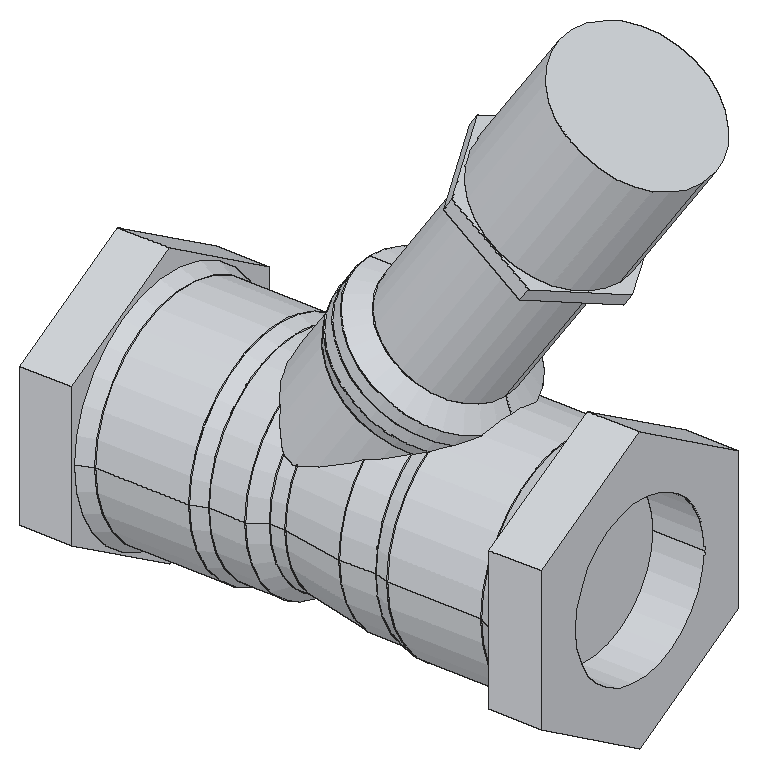
Revit family "DPRV_DN032_RFA_2018", category Pipe Accessories, Revit 2018
Family settings
  Round Connector Dimension = Use Diameter
  Part Type = Valve - Breaks Into
  Work Plane-Based = No
  Always vertical = Yes
  Cut with Voids When Loaded = No
  Shared = No
Parameters (values of type "DPRV-DN32")
  magiProductId = "4b273c145a0a4466be66f0b82dd13f"
  magiProductFamilyId = "2368235d042246b783f613dde97580"
  magiPartTypeId = 304
  isMeasuringValve [instance] = no
  ang2D [instance] = 0.00°
  Z1 = 28.27 mm
  Y6 = 23.8 mm
  Y5 = 21.4 mm
  Y3 = 22.4 mm
  Y15 = 15.759 mm
  Y14 = 18.54 mm
  Y12 = 13.39 mm
  Y11 = 17.51 mm
  Y10 = 16.48 mm
  Y0 = 19.26 mm
  XT0 = 8 mm
  X7 = 7.21 mm
  X6__ve = -X6  # -18.54 mm
  X6 = 18.54 mm
  X3 = 3.09 mm
  X1__ve = -X1  # -10.3 mm
  X1 = 10.3 mm
  X0 = 51.5 mm
  W2D = 15 mm
  VersionID = "2.0/2018.12.13.2/FRESE_DPRV_001"
  Use Minimum Symbol Size [instance] = no
  URL = "www.hydronix.cz"
  Type Comments = "závitový s vnitřním závitem; PN25; dpmax=600kPa; -20~+120°C"
  QmdConnectorList = "301;D;302;D"
  Productdata [instance] = ""
  Manufacturer = "Hydronix"
  MC Use Limits From Balancing Method = no
  MC Throttling Minimum Value = 0
  MC Throttling Maximum Value = 0
  MC Product Code = "48-0078; DN32 FF; nastavitelný rozsah 10-60kPa; kvs=10,5"
  MC Pressure Drop Minimum Value = 0.0 Pa
  MC Pressure Drop Maximum Value = 0.0 Pa
  MC Piping Given Pressure Drop [instance] = 0.0 Pa
  L3 = 28 mm
  L2D_Min = 30.48 mm
  L2D = 70 mm
  H6 = 33.27 mm
  H5 = 2.827 mm
  H2 = 23.558 mm
  Description = "Nastavitelný přepouštěcí ventil"
  DT2 = 16 mm
  D = 32 mm
  CenSd_Y14_6 = Y14 * cos(30.00°)  # 16.056 mm
  CenSd_L3_6 = L3 * cos(30.00°)  # 24.249 mm
  AA3 = 4.131 mm
  AA2 = 7.203 mm
Types (4, lengths in mm): name | magiProductId | Z1 | Y6 | Y5 | Y3 | Y15 | Y14 | Y12 | Y11 | Y10 | Y0 | X7 | X6__ve | X6 | X3 | X1__ve | X1 | X0 | MC Product Code | L3 | H6 | H5 | H2 | DT2 | D | CenSd_Y14_6 | CenSd_L3_6 | AA3 | AA2
  DPRV-DN15 | "0a1695ce379549c5bda4e9817c8a32" | 26.012 | 12.75 | 11 | 12 | 10.71 | 12.6 | 9.1 | 11.9 | 11.2 | 9.9 | 4.9 | -12.6 | 12.6 | 2.1 | -7 | 7 | 35 | "48-0075; DN15 FF; nastavitelný rozsah 10-60kPa; kvs=3,5" | 15 | 31.012 | 2.601 | 21.677 | 7.5 | 15 | 10.912 | 12.99 | 2.941 | 5.127
  DPRV-DN20 | "7bf90d6895024d90850a4e7c13d0c4" | 26.304 | 15.3 | 13.4 | 14.4 | 11.934 | 14.04 | 10.14 | 13.26 | 12.48 | 12.06 | 5.46 | -14.04 | 14.04 | 2.34 | -7.8 | 7.8 | 39 | "48-0076; DN20 FF; nastavitelný rozsah 10-60kPa; kvs=3,7" | 18 | 31.304 | 2.63 | 21.92 | 10 | 20 | 12.159 | 15.588 | 3.081 | 5.371
  DPRV-DN25 | "8f5d2c47d0804d84a9ee1a0f7163ce" | 28.345 | 19.55 | 17.4 | 18.4 | 13.311 | 15.66 | 11.31 | 14.79 | 13.92 | 15.66 | 6.09 | -15.66 | 15.66 | 2.61 | -8.7 | 8.7 | 43.5 | "48-0077; DN25 FF; nastavitelný rozsah 10-60kPa; kvs=8,3" | 23 | 33.345 | 2.835 | 23.621 | 12.5 | 25 | 13.562 | 19.919 | 3.991 | 6.958
  DPRV-DN32 | "4b273c145a0a4466be66f0b82dd13f" | 28.27 | 23.8 | 21.4 | 22.4 | 15.759 | 18.54 | 13.39 | 17.51 | 16.48 | 19.26 | 7.21 | -18.54 | 18.54 | 3.09 | -10.3 | 10.3 | 51.5 | "48-0078; DN32 FF; nastavitelný rozsah 10-60kPa; kvs=10,5" | 28 | 33.27 | 2.827 | 23.558 | 16 | 32 | 16.056 | 24.249 | 4.131 | 7.203
Reference planes
  plane 1 "Center (Front/Back)": y = 0
  plane 2 "XYPLANE": z = 0
  plane 3 "Center (Left/Right)": x = 0
  plane 4 "733": through (-616.734, 0, 426.798) normal (0.5736, 0, 0.8192)
  plane 5 "722": through (-614.364, 0, 430.182) normal (0.5736, 0, 0.8192)
  plane 6 "680": through (-594.366, 0, 458.743) normal (0.5736, 0, 0.8192)
  plane 7 "673": through (-573.661, 0, 488.312) normal (0.5736, 0, 0.8192)
  plane 8 "667": x = 9.27
  plane 9 "666": x = -3.09
  plane 10 "664": x = -6.18
  plane 11 "662": x = -9.27
  plane 12 "540": through (-597.609, 0, 454.112) normal (0.5736, 0, 0.8192)
  plane 13 "539": through (-575.283, 0, 485.996) normal (0.5736, 0, 0.8192)
  plane 14 "535": through (-595.987, 0, 456.427) normal (0.5736, 0, 0.8192)
  plane 15 "531": through (-599.23, 0, 451.796) normal (0.5736, 0, 0.8192)
  plane 16 "528": through (-600.852, 0, 449.48) normal (0.5736, 0, 0.8192)
  plane 17 "512": y = 0
  plane 18 "510": through (424.282, 0, 618.495) normal (0.8192, 0, -0.5736)
  plane 19 "369": x = 16.48
  plane 20 "367": x = 19.57
  plane 21 "366": x = 41.2
  plane 22 "365": x = 38.11
  plane 23 "354": x = -16.48
  plane 24 "54": x = -19.57
  plane 25 "49": x = -38.11
  plane 26 "18": x = -41.2
  plane 27 "8": x = 51.5
  plane 28 "7": x = -51.5
  plane 29 "3": z = 0
  plane 30 "2": y = 0
  plane 31 "507XY": through (-614.364, 0, 430.182) normal (0.5736, 0, 0.8192)
  plane 32 "507XZ": y = 0
  plane 33 "507YZ": through (430.182, 0, 614.364) normal (0.8192, 0, -0.5736)
Forms (mm)
  Extrusion 1, solid
    sketch origin (-573.661, 0, 488.312) x (0.819152, 0, -0.573576) y (0, 1, 0)
      loop
        circle (742.797, 0) r 15.759
    from 0 to 28.27 <- "Z1"
  Extrusion 2, solid
    sketch origin (-575.283, 0, 485.996) x (0.819152, 0, -0.573576) y (0, 1, 0)
      loop
        line (761.337, 0) -> (752.067, 16.056) -> (733.527, 16.056) -> (724.257, 0) -> (733.527, -16.056) -> (752.067, -16.056) -> (761.337, 0)
    from 0 to 2.827 <- "H5"
  Blend 3, solid
    base sketch origin (-595.987, 0, 456.427) x (0.819152, 0, -0.573576) y (0, 1, 0)
      loop
        circle (742.797, 0) r 17.51
    top sketch origin (-595.987, 0, 456.427) x (0.819152, 0, -0.573576) y (0, 1, 0)
      loop
        circle (742.797, 0) r 13.39
    from 0 to 2.827
  Blend 4, solid
    base sketch origin (-600.852, 0, 449.48) x (0.819152, 0, -0.573576) y (0, 1, 0)
      loop
        circle (742.797, 0) r 16.48
    top sketch origin (-600.852, 0, 449.48) x (0.819152, 0, -0.573576) y (0, 1, 0)
      loop
        circle (742.797, 0) r 17.51
    from 0 to 2.827
  Blend 5, solid
    base sketch origin (-3.09, -750, 0) x (0, 1, 0) y (0, 0, 1)
      loop
        circle (750, 0) r 19.26
    top sketch origin (-3.09, -750, 0) x (0, 1, 0) y (0, 0, 1)
      loop
        circle (750, 0) r 21.4
    from 0 to 12.36
  Extrusion 6, solid
    sketch origin (-6.18, -750, 0) x (0, 1, 0) y (0, 0, 1)
      loop
        circle (750, 0) r 19.26
    from 0 to 3.09 <- "X3"
  Blend 7, solid
    base sketch origin (-9.27, -750, 0) x (0, 1, 0) y (0, 0, 1)
      loop
        circle (750, 0) r 21.4
    top sketch origin (-9.27, -750, 0) x (0, 1, 0) y (0, 0, 1)
      loop
        circle (750, 0) r 19.26
    from 0 to 3.09
  Extrusion 8, solid
    sketch origin (9.27, -750, 0) x (0, 1, 0) y (0, 0, 1)
      loop
        circle (750, 0) r 21.4
    from 0 to 7.21 <- "X7"
  Blend 9, solid
    base sketch origin (-614.364, 0, 430.182) x (0.819152, 0, -0.573576) y (0, 1, 0)
      loop
        circle (742.797, 0) r 16.48
    top sketch origin (-614.364, 0, 430.182) x (0.819152, 0, -0.573576) y (0, 1, 0)
      loop
        circle (742.797, 0) r 8
    from 0 to -4.131
  Extrusion 10, solid
    sketch origin (-594.366, 0, 458.743) x (0.819152, 0, -0.573576) y (0, 1, 0)
      loop
        circle (742.797, 0) r 13.39
    from 0 to 33.27 <- "H6"
  Extrusion 11, solid
    sketch origin (-597.609, 0, 454.112) x (0.819152, 0, -0.573576) y (0, 1, 0)
      loop
        circle (742.797, 0) r 17.51
    from 0 to 2.827 <- "H5"
  Extrusion 12, solid
    sketch origin (-599.23, 0, 451.796) x (0.819152, 0, -0.573576) y (0, 1, 0)
      loop
        circle (742.797, 0) r 17.51
    from 0 to 2.827 <- "H5"
  Extrusion 13, solid
    sketch origin (-614.364, 0, 430.182) x (0.819152, 0, -0.573576) y (0, 1, 0)
      loop
        circle (742.797, 0) r 16.48
    from 0 to 23.558 <- "H2"
  Blend 14, solid
    base sketch origin (19.57, -750, 0) x (0, 1, 0) y (0, 0, 1)
      loop
        circle (750, 0) r 22.4
    top sketch origin (19.57, -750, 0) x (0, 1, 0) y (0, 0, 1)
      loop
        circle (750, 0) r 21.4
    from 0 to -3.09
  Extrusion 15, solid
    sketch origin (38.11, -750, 0) x (0, 1, 0) y (0, 0, 1)
      loop
        circle (750, 0) r 22.4
    from 0 to -18.54 <- "X6__ve"
  Extrusion 16, solid
    sketch origin (-16.48, -750, 0) x (0, 1, 0) y (0, 0, 1)
      loop
        circle (750, 0) r 21.4
    from 0 to 7.21 <- "X7"
  Extrusion 17, solid
    sketch origin (-38.11, -750, 0) x (0, 1, 0) y (0, 0, 1)
      loop
        circle (750, 0) r 22.4
    from 0 to 18.54 <- "X6"
  Blend 18, solid
    base sketch origin (-19.57, -750, 0) x (0, 1, 0) y (0, 0, 1)
      loop
        circle (750, 0) r 22.4
    top sketch origin (-19.57, -750, 0) x (0, 1, 0) y (0, 0, 1)
      loop
        circle (750, 0) r 21.4
    from 0 to 3.09
  Extrusion 19, solid
    sketch origin (-51.5, -750, 0) x (0, 1, 0) y (0, 0, 1)
      loop
        line (750, 28) -> (725.751, 14) -> (725.751, -14) -> (750, -28) -> (774.249, -14) -> (774.249, 14) -> (750, 28)
      loop
        circle (750, 0) r 16
    from 0 to 10.3 <- "X1"
  Blend 20, solid
    base sketch origin (41.2, -750, 0) x (0, 1, 0) y (0, 0, 1)
      loop
        circle (750, 0) r 23.8
    top sketch origin (41.2, -750, 0) x (0, 1, 0) y (0, 0, 1)
      loop
        circle (750, 0) r 22.4
    from 0 to -3.09
  Extrusion 21, solid
    sketch origin (51.5, -750, 0) x (0, 1, 0) y (0, 0, 1)
      loop
        line (750, 28) -> (725.751, 14) -> (725.751, -14) -> (750, -28) -> (774.249, -14) -> (774.249, 14) -> (750, 28)
      loop
        circle (750, 0) r 16
    from 0 to -10.3 <- "X1__ve"
  Blend 22, solid
    base sketch origin (-41.2, -750, 0) x (0, 1, 0) y (0, 0, 1)
      loop
        circle (750, 0) r 23.8
    top sketch origin (-41.2, -750, 0) x (0, 1, 0) y (0, 0, 1)
      loop
        circle (750, 0) r 22.4
    from 0 to 3.09
  Extrusion 23, solid, not visible
    sketch origin (51.5, -750, 0) x (0, 1, 0) y (0, 0, 1)
      loop
        circle (750, 0) r 10
    from 0 to -10
  Extrusion 24, solid, not visible
    sketch origin (-51.5, -750, 0) x (0, 1, 0) y (0, 0, 1)
      loop
        circle (750, 0) r 10
    from 0 to 10
Lines and regions (mm)
  reference lines, not visible
    curve 1: circle (2, 2, 0) r 1 normal (0, 0, 1)
  reference lines
    curve 2: line (33.181, 0, 59.945) -> (30.601, 5.456, 61.752)
    curve 3: line (33.181, 0, 59.945) -> (28.021, 0, 63.558)
    curve 4: line (33.181, 0, 59.945) -> (30.601, -5.456, 61.752)
    curve 5: line (-51.5, 0, 0) -> (-51.5, -6.495, -3.75)
    curve 6: line (-51.5, 0, 0) -> (-51.5, 0, -7.5)
    curve 7: line (-51.5, 0, 0) -> (-51.5, 6.495, -3.75)
    curve 8: line (51.5, 0, 0) -> (51.5, -6.495, -3.75)
    curve 9: line (51.5, 0, 0) -> (51.5, 0, -7.5)
    curve 10: line (51.5, 0, 0) -> (51.5, 6.495, -3.75)
Dimensions and locks
  plane 1 "Center (Front/Back)" to curve 1 = 2 mm
  "AA3": plane 31 "507XY" to plane 4 "733"
  locked: plane 31 "507XY" to plane 5 "722"
  "H5": plane 14 "535" to plane 6 "680"
  "H5": plane 13 "539" to plane 7 "673"
  "X7": plane 19 "369" to plane 8 "667"
  "X3": plane 10 "664" to plane 9 "666"
  "X3": plane 11 "662" to plane 10 "664"
  "X7": plane 23 "354" to plane 11 "662"
  "H5": plane 15 "531" to plane 12 "540"
  "H6": plane 6 "680" to plane 13 "539"
  "H5": plane 12 "540" to plane 14 "535"
  "H5": plane 16 "528" to plane 15 "531"
  "H2": plane 31 "507XY" to plane 16 "528"
  locked: plane 32 "507XZ" to plane 17 "512"
  "AA2": plane 33 "507YZ" to plane 18 "510"
  "X3": plane 20 "367" to plane 19 "369"
  "X6": plane 22 "365" to plane 20 "367"
  "X1": plane 27 "8" to plane 21 "366"
  "X3": plane 21 "366" to plane 22 "365"
  "X3": plane 24 "54" to plane 23 "354"
  "X6": plane 25 "49" to plane 24 "54"
  "X3": plane 26 "18" to plane 25 "49"
  "X1": plane 28 "7" to plane 26 "18"
  "X0": plane 3 "Center (Left/Right)" to plane 27 "8"
  "X0": plane 3 "Center (Left/Right)" to plane 28 "7"
  locked: plane 2 "XYPLANE" to plane 29 "3"
  locked: plane 1 "Center (Front/Back)" to plane 30 "2"
  "CenSd_Y14_6": curve 2 to Extrusion 2 sketch curve  (x2)
  "CenSd_Y14_6": curve 3 to Extrusion 2 sketch curve  (x2)
  "CenSd_Y14_6": curve 4 to Extrusion 2 sketch curve  (x2)
  Extrusion 2 sketch curve to Extrusion 2 sketch curve = 0 mm  (x12)
  "CenSd_L3_6": curve 5 to Extrusion 19 sketch curve  (x2)
  "CenSd_L3_6": curve 6 to Extrusion 19 sketch curve  (x2)
  "CenSd_L3_6": curve 7 to Extrusion 19 sketch curve  (x2)
  Extrusion 19 sketch curve to Extrusion 19 sketch curve = 0 mm  (x12)
  "CenSd_L3_6": curve 8 to Extrusion 21 sketch curve  (x2)
  "CenSd_L3_6": curve 9 to Extrusion 21 sketch curve  (x2)
  "CenSd_L3_6": curve 10 to Extrusion 21 sketch curve  (x2)
  Extrusion 21 sketch curve to Extrusion 21 sketch curve = 0 mm  (x12)
  "Y15": radius of Extrusion 1 sketch curve
  "Y12": radius of Blend 3 sketch curve
  "Y11": radius of Blend 3 sketch curve
  "Y11": radius of Blend 4 sketch curve
  "Y10": radius of Blend 4 sketch curve
  "Y5": radius of Blend 5 sketch curve
  "Y0": radius of Blend 5 sketch curve
  "Y0": radius of Extrusion 6 sketch curve
  "Y0": radius of Blend 7 sketch curve
  "Y5": radius of Blend 7 sketch curve
  "Y5": radius of Extrusion 8 sketch curve
  "XT0": radius of Blend 9 sketch curve
  "Y10": radius of Blend 9 sketch curve
  "Y12": radius of Extrusion 10 sketch curve
  "Y11": radius of Extrusion 11 sketch curve
  "Y11": radius of Extrusion 12 sketch curve
  "Y10": radius of Extrusion 13 sketch curve
  "Y5": radius of Blend 14 sketch curve
  "Y3": radius of Blend 14 sketch curve
  "Y3": radius of Extrusion 15 sketch curve
  "Y5": radius of Extrusion 16 sketch curve
  "Y3": radius of Extrusion 17 sketch curve
  "Y5": radius of Blend 18 sketch curve
  "Y3": radius of Blend 18 sketch curve
  "DT2": radius of Extrusion 19 sketch curve
  "Y3": radius of Blend 20 sketch curve
  "Y6": radius of Blend 20 sketch curve
  "DT2": radius of Extrusion 21 sketch curve
  "Y3": radius of Blend 22 sketch curve
  "Y6": radius of Blend 22 sketch curve
  locked: curve 3 to curve 2 (angle 60.00°)
  locked: curve 4 to curve 3 (angle 60.00°)
  locked: curve 4 to curve 2 (angle 120.00°)
  locked: curve 6 to curve 5 (angle 60.00°)
  locked: curve 7 to curve 6 (angle 60.00°)
  locked: curve 7 to curve 5 (angle 120.00°)
  locked: curve 9 to curve 8 (angle 60.00°)
  locked: curve 10 to curve 9 (angle 60.00°)
  locked: curve 10 to curve 8 (angle 120.00°)
  aligned and locked: level to plane 2 "XYPLANE"
  aligned and locked: plane 17 "512" to Extrusion 1 sketch curve
  aligned and locked: Extrusion 1 sketch curve to plane 18 "510"
  aligned and locked: curve 2 to plane 18 "510"
  aligned and locked: plane 17 "512" to curve 3
  aligned and locked: plane 17 "512" to Blend 3 sketch curve  (x2)
  aligned and locked: Blend 3 sketch curve to plane 18 "510"  (x2)
  aligned and locked: plane 6 "680" to Blend 3
  aligned and locked: plane 17 "512" to Blend 4 sketch curve  (x2)
  aligned and locked: Blend 4 sketch curve to plane 18 "510"  (x2)
  aligned and locked: plane 15 "531" to Blend 4
  aligned and locked: plane 29 "3" to Blend 5 sketch curve  (x2)
  aligned and locked: Blend 5 sketch curve to plane 30 "2"  (x2)
  aligned and locked: plane 8 "667" to Blend 5
  aligned and locked: plane 29 "3" to Extrusion 6 sketch curve
  aligned and locked: Extrusion 6 sketch curve to plane 30 "2"
  aligned and locked: plane 29 "3" to Blend 7 sketch curve  (x2)
  aligned and locked: Blend 7 sketch curve to plane 30 "2"  (x2)
  aligned and locked: plane 10 "664" to Blend 7
  aligned and locked: plane 29 "3" to Extrusion 8 sketch curve
  aligned and locked: Extrusion 8 sketch curve to plane 30 "2"
  aligned and locked: plane 17 "512" to Blend 9 sketch curve  (x2)
  aligned and locked: Blend 9 sketch curve to plane 18 "510"  (x2)
  aligned and locked: Blend 9 to plane 4 "733"
  aligned and locked: plane 17 "512" to Extrusion 10 sketch curve
  aligned and locked: Extrusion 10 sketch curve to plane 18 "510"
  aligned and locked: plane 17 "512" to Extrusion 11 sketch curve
  aligned and locked: Extrusion 11 sketch curve to plane 18 "510"
  aligned and locked: plane 17 "512" to Extrusion 12 sketch curve
  aligned and locked: Extrusion 12 sketch curve to plane 18 "510"
  aligned and locked: plane 17 "512" to Extrusion 13 sketch curve
  aligned and locked: Extrusion 13 sketch curve to plane 18 "510"
  aligned and locked: plane 29 "3" to Blend 14 sketch curve  (x2)
  aligned and locked: Blend 14 sketch curve to plane 30 "2"  (x2)
  aligned and locked: Blend 14 to plane 19 "369"
  aligned and locked: plane 29 "3" to Extrusion 15 sketch curve
  aligned and locked: Extrusion 15 sketch curve to plane 30 "2"
  aligned and locked: plane 29 "3" to Extrusion 16 sketch curve
  aligned and locked: Extrusion 16 sketch curve to plane 30 "2"
  aligned and locked: plane 29 "3" to Extrusion 17 sketch curve
  aligned and locked: Extrusion 17 sketch curve to plane 30 "2"
  aligned and locked: plane 29 "3" to Blend 18 sketch curve  (x2)
  aligned and locked: Blend 18 sketch curve to plane 30 "2"  (x2)
  aligned and locked: plane 23 "354" to Blend 18
  aligned and locked: plane 29 "3" to curve 7
  aligned and locked: curve 7 to plane 30 "2"
  aligned and locked: plane 29 "3" to Extrusion 19 sketch curve
  aligned and locked: Extrusion 19 sketch curve to plane 30 "2"
  aligned and locked: plane 29 "3" to Blend 20 sketch curve  (x2)
  aligned and locked: Blend 20 sketch curve to plane 30 "2"  (x2)
  aligned and locked: Blend 20 to plane 22 "365"
  aligned and locked: plane 29 "3" to curve 10
  aligned and locked: curve 10 to plane 30 "2"
  aligned and locked: plane 29 "3" to Extrusion 21 sketch curve
  aligned and locked: Extrusion 21 sketch curve to plane 30 "2"
  aligned and locked: plane 29 "3" to Blend 22 sketch curve  (x2)
  aligned and locked: Blend 22 sketch curve to plane 30 "2"  (x2)
  aligned and locked: plane 25 "49" to Blend 22
  aligned and locked: plane 29 "3" to Extrusion 23 sketch curve
  aligned and locked: Extrusion 23 sketch curve to plane 30 "2"
  aligned and locked: plane 29 "3" to Extrusion 24 sketch curve
  aligned and locked: Extrusion 24 sketch curve to plane 30 "2"
Automatic sketch dimensions
  plane 1 "Center (Front/Back)" to Extrusion 23 sketch curve = 10 mm
  plane 1 "Center (Front/Back)" to Extrusion 24 sketch curve = 10 mm
  plane 3 "Center (Left/Right)" to curve 1 = 2 mm
  radius of curve 1 = 1 mm
Connectors
  piping at (-51.5, 0, 0), diameter 32, driven by "D"
    settings: on Extrusion 24, index 1, connector inside diameter 609.6 mm, connector length 0 mm, flow factor 0, pipe flow 0.0 L/s, pressure drop 0.0 Pa, fitting loss kfactor 0, connector angle 0.00°, fixture units 0, engagement length 0 mm, angle of deflection 0.00°, flow configuration 0, flow direction 0, fitting loss method 0, system type 29, joint type 0, gender type 0, connector reference index 2, connector utility 0, adjustable connector no, is connector primary yes, connector description ""
  piping at (51.5, 0, 0), diameter 32, driven by "D"
    settings: on Extrusion 23, index 2, connector inside diameter 609.6 mm, connector length 0 mm, flow factor 0, pipe flow 0.0 L/s, pressure drop 0.0 Pa, fitting loss kfactor 0, connector angle 0.00°, fixture units 0, engagement length 0 mm, angle of deflection 0.00°, flow configuration 0, flow direction 0, fitting loss method 0, system type 29, joint type 0, gender type 0, connector reference index 1, connector utility 0, adjustable connector no, is connector primary no, connector description ""
